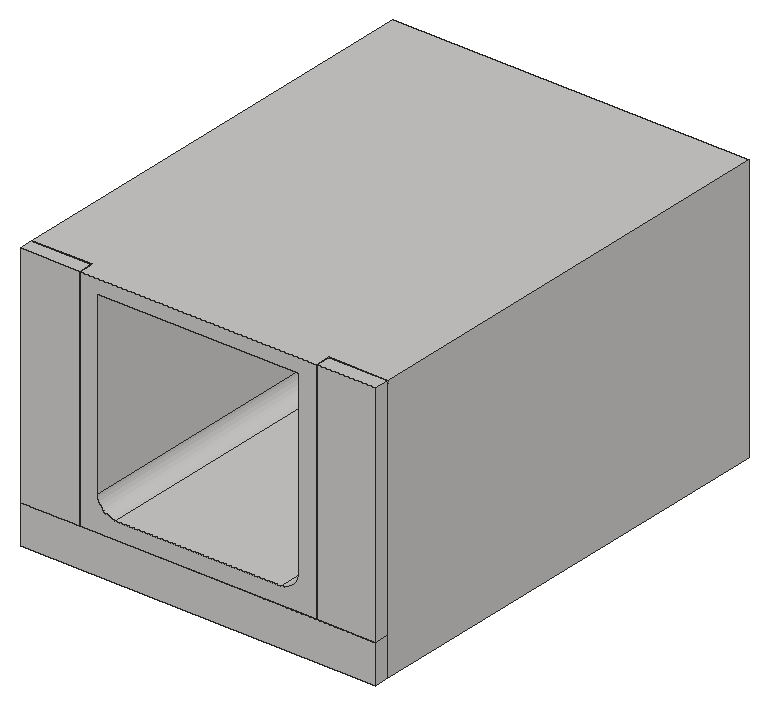
Revit family "QF_ELECTROLUXPROFESSIONAL_588578_MB1BCAFOOO", category Attrezzature speciali, Revit 2020
Family settings
  Quota connettore circolare = Usa diametro
  Tipo di parte = Normale
  Basato su piano di lavoro = No
  Sempre verticale = Sì
  Taglio con vuoti quando caricato = No
  Condiviso = No
  Punto di calcolo locali = No
Parameters (values of type "Standard")
  Weight = 19.00 kg
  Watts = 0 W
  Volts = 0 V
  URL Manufacturer = "https://www.electroluxprofessional.com/"
  URL = "https://www.electroluxprofessional.com/"
  Steam Supply Size = 0"
  Steam Supply Minimum Pressure = 0.00 psi
  Steam Supply Maximum Pressure = 0.00 psi
  Steam Consumption per Hour = 0
  Refrigeration Suction Line Size = 0 mm
  Refrigeration Liquid Line Size = 0 mm
  Refrigerant Compressor Remote = yes
  Prospetto di default = 0 mm
  Phase = 0
  Modello = "MB1BCAFOOO"
  Produttore = "Electrolux Professional"
  Length Actual = 600 mm  # constant formula
  Item Number = "588578"
  Hot Water Size = 0"
  Height Actual = 450 mm  # constant formula
  HP = "0 HP"
  Gas Size = 0"
  Gas KW = 0
  Gas Input Pressure = 0.0 Btu/h
  Direct Waste Size = 0"
  Descrizione = "OPEN BASE,GN,1-SIDE,H2-600X850X450H"
  Depth Actual = 850 mm  # constant formula
  Cycle = 0 Hz
  Condensate Return Size = 0"
  Compressed Air Volume = 0 GPM
  Compressed Air Size = 0"
  Compressed Air Pressure = 0.00 psi
  Cold Water Size = 0"
  Accessory = yes
Reference planes
  plane 1 "BACK": y = 0
  plane 2: z = 0
  plane 3 "LEFT": x = 0
  plane 4 "RIGHT": x = 600
  plane 5 "FRONT": y = -850
  plane 6 "PLAIN": z = 900
  plane 7 "Center (Left/Right)": x = 300
  plane 8 "Center (Front/Back)": y = -425
  plane 9 "TOP": z = 650
  plane 10 "BASE": z = 200
  plane 11: x = 522
  plane 12: x = 78
  plane 13 "Feet_back": y = -150
  plane 14 "Feet_Front": y = -720
  plane 15: x = 100
  plane 16: x = 500
  plane 17: z = 265
  plane 18: y = -45
  plane 19: y = -805
  plane 20: y = -70
  plane 21: y = -830
  plane 22 "ButtonZ": z = 590
Forms (mm)
  Extrusion 1, solid, material "QF_Finishes_Stainless Steel"
    sketch origin (0, 0, 650) x (0, 1, 0) y (0, 0, 1)
      loop
        line (-45, -450) -> (-45, 0) -> (-805, 0) -> (-805, -450) -> (-45, -450)
    from 0 to 600
  Extrusion 2, solid, material "QF_Finishes_Stainless Steel"
    sketch origin (0, 0, 650) x (0, 1, 0) y (0, 0, 1)
      loop
        line (-830, -450) -> (-805, -450) -> (-805, -385) -> (-830, -385) -> (-830, -450)
    from 0 to 600
  Extrusion 3, void
    sketch origin (0, -850, 0) x (1, 0, 0) y (0, 0, 1)
      loop
        line (100, 650) -> (100, 265) -> (500, 265) -> (500, 650) -> (100, 650)
    from 0 to -780
  Extrusion 4, solid, material "QF_Finishes_Stainless Steel"
    sketch origin (0, -850, 0) x (1, 0, 0) y (0, 0, 1)
      loop
        line (130, 650) -> (130, 627) -> (470, 627) -> (470, 650) -> (130, 650)
    from -20 to -805
  Extrusion 5, solid, material "QF_Finishes_Stainless Steel"
    sketch origin (0, -850, 0) x (1, 0, 0) y (0, 0, 1)
      loop
        line (100, 650) -> (100, 265) -> (500, 265) -> (500, 650) -> (470, 650) -> (470, 325)
        arc (470, 325) -> (461.213, 303.787) -> (440, 295) r 30
        line (440, 295) -> (160, 295)
        arc (160, 295) -> (138.787, 303.787) -> (130, 325) r 30
        line (130, 325) -> (130, 650) -> (100, 650)
    from -20 to -780
  Extrusion 6, solid, material "QF_Finishes_Stainless Steel"
    sketch origin (0, -850, 0) x (1, 0, 0) y (0, 0, 1)
      loop
        line (0, 650) -> (0, 265) -> (100, 265) -> (100, 650) -> (0, 650)
    from -20 to -45
  Extrusion 7, solid, material "QF_Finishes_Stainless Steel"
    sketch origin (0, -850, 0) x (1, 0, 0) y (0, 0, 1)
      loop
        line (500, 650) -> (500, 265) -> (600, 265) -> (600, 650) -> (500, 650)
    from -20 to -45
Cuts and joins
  Extrusion 3 cuts Extrusion 1
  joined: Extrusion 1, Extrusion 4, Extrusion 5
Lines and regions (mm)
  symbolic lines, style "SpecialityEquipmentHiddenLines"
    curve 1: line (0, 0, 0) -> (600, 0, 0)
    curve 2: line (0, -850, 0) -> (0, 0, 0)
    curve 3: line (600, -850, 0) -> (0, -850, 0)
    curve 4: line (600, 0, 0) -> (600, -850, 0)
Dimensions and locks
  plane 3 "LEFT" to plane 4 "RIGHT" = 600 mm
  plane 5 "FRONT" to plane 1 "BACK" = 850 mm
  equal spacing: plane 3 "LEFT", plane 7 "Center (Left/Right)", plane 4 "RIGHT"
  equal spacing: plane 5 "FRONT", plane 8 "Center (Front/Back)", plane 1 "BACK"
  plane 6 "PLAIN" to plane 9 "TOP" = 250 mm
  plane 10 "BASE" to level = 200 mm
  plane 9 "TOP" to plane 10 "BASE" = 450 mm
  locked: plane 1 "BACK" to plane 13 "Feet_back" at 150
  locked: plane 14 "Feet_Front" to plane 5 "FRONT" at 130
  locked: plane 12 to plane 3 "LEFT" at 78
  locked: plane 11 to plane 4 "RIGHT" at 78
  plane 16 to plane 15 = 400 mm
  equal spacing: plane 16, plane 7 "Center (Left/Right)", plane 15
  locked: plane 17 to plane 10 "BASE" at 65
  locked: plane 1 "BACK" to plane 18 at 45
  plane 9 "TOP" to Extrusion 4 sketch curve = 23 mm
  locked: Extrusion 4 sketch curve to plane 15 at 30
  locked: plane 16 to Extrusion 4 sketch curve at 30
  locked: Extrusion 5 sketch curve to plane 17 at 30
  plane 6 "PLAIN" to level = 900 mm
  Extrusion 5 to Extrusion 5 = 340 mm
  locked: plane 18 to plane 20 at 25
  locked: plane 21 to plane 5 "FRONT" at 20
  locked: plane 19 to plane 21 at 25
  plane 18 to plane 21 = 785 mm
  plane 22 "ButtonZ" to level = 590 mm
  aligned and locked: level to plane 2
  aligned and locked: Extrusion 1 to plane 4 "RIGHT"
  aligned and locked: Extrusion 1 to plane 3 "LEFT"
  aligned and locked: Extrusion 2 to plane 4 "RIGHT"
  aligned and locked: plane 9 "TOP" to Extrusion 3 sketch curve
  aligned and locked: Extrusion 3 sketch curve to plane 15
  aligned and locked: plane 16 to Extrusion 3 sketch curve
  aligned and locked: Extrusion 2 to plane 10 "BASE"
  aligned and locked: Extrusion 2 to plane 17
  aligned and locked: plane 17 to Extrusion 3 sketch curve
  aligned and locked: Extrusion 4 to plane 18
  aligned and locked: Extrusion 5 sketch curve to plane 15
  aligned and locked: plane 16 to Extrusion 5 sketch curve
  aligned and locked: plane 9 "TOP" to Extrusion 5 sketch curve  (x2)
  aligned and locked: plane 17 to Extrusion 5 sketch curve
  aligned and locked: Extrusion 5 sketch curve to Extrusion 4  (x2)
  aligned and locked: Extrusion 6 sketch curve to plane 9 "TOP"
  aligned and locked: plane 3 "LEFT" to Extrusion 6 sketch curve
  aligned and locked: Extrusion 6 sketch curve to plane 17
  aligned and locked: Extrusion 6 sketch curve to plane 15
  aligned and locked: Extrusion 7 sketch curve to plane 9 "TOP"
  aligned and locked: plane 16 to Extrusion 7 sketch curve
  aligned and locked: Extrusion 7 sketch curve to plane 17
  aligned and locked: plane 4 "RIGHT" to Extrusion 7 sketch curve
  aligned and locked: Extrusion 5 to plane 20
  aligned and locked: cut or joined group of Extrusion 1, Extrusion 3, Extrusion 4, Extrusion 5 to plane 20
  aligned and locked: cut or joined group of Extrusion 1, Extrusion 3, Extrusion 4, Extrusion 5 to plane 18
  aligned and locked: Extrusion 6 to plane 19
  aligned and locked: plane 21 to Extrusion 6
  aligned and locked: plane 21 to Extrusion 5
  aligned and locked: plane 21 to Extrusion 7
  aligned and locked: Extrusion 7 to plane 19
  aligned and locked: Extrusion 2 to plane 19
  aligned and locked: plane 21 to Extrusion 2
  aligned and locked: plane 21 to cut or joined group of Extrusion 1, Extrusion 3, Extrusion 4, Extrusion 5
Automatic sketch dimensions
  Extrusion 1 sketch curve to plane 10 "BASE" = 0 mm
  Extrusion 1 sketch curve to plane 9 "TOP" = 0 mm
  plane 1 "BACK" to Extrusion 1 sketch curve = 45 mm
  Extrusion 1 sketch curve to plane 5 "FRONT" = 45 mm
  Extrusion 2 sketch curve to plane 5 "FRONT" = 20 mm
  Extrusion 2 sketch curve to plane 9 "TOP" = 385 mm
  plane 10 "BASE" to Extrusion 2 sketch curve = 0 mm
  Extrusion 2 sketch curve to plane 5 "FRONT" = 45 mm
  Extrusion 4 sketch curve to plane 9 "TOP" = 0 mm
  Extrusion 5 sketch curve to Extrusion 5 sketch curve = 30 mm  (x2)
  curve 3 to plane 3 "LEFT" = 0 mm
  curve 3 to plane 4 "RIGHT" = 0 mm
  plane 5 "FRONT" to curve 3 = 0 mm
  plane 1 "BACK" to curve 2 = 0 mm
